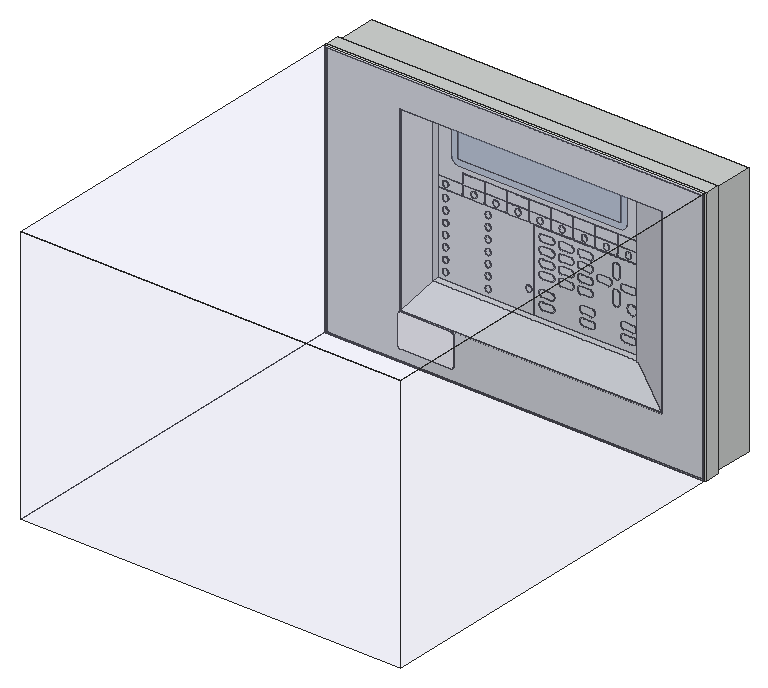
Revit family "Tyco_Fireclass_Mid Tier-I_Control and Indicating Panels - FC500______", category Generic Models, host Wall, Revit 2016
Family settings
  Host = Wall
  Part Type = Normal
  Can host rebar = No
  Round Connector Dimension = Use Diameter
  Always vertical = Yes
  Cut with Voids When Loaded = No
  Shared = No
  Room Calculation Point = No
Parameters (values of type "FC500")
  Weight = "2.7 Kg"
  WarrantyDurationLabor = "3 years"
  Warranty Start Date = "n/a"
  Warranty Guarantor Parts = "Contact your supplier. If you don’t have your supplier contact details please contact FireClassSales@tycoint.com"
  Warranty Guarantor Labor = "Contact your supplier. If you don’t have your supplier contact details please contact FireClassSales@tycoint.com"
  Warranty Duration Unit = "Year"
  Warranty Duration Parts = "3 years"
  Warranty Description = "The 36 month warranty is applicable from the date of manufacture."
  Version = "1"
  Usage Current = "130 mA (dc)"
  Uniclass2 = ""
  URL = "www.fireclass.net"
  Type Comments = ""
  Total No Of Addresses = "n/a"
  Tag Number = "n/a"
  SuistainabilityPerformance = "n/a"
  Storage Temperature = "-40 °C to +80 °C"
  Size = "n/a"
  Shape = "Rectangle"
  Serial Number = "n/a"
  Revision = "n/a"
  Replacement Cost = "n/a"
  Relative Humidity = "up to 95% RH continuous (non-condensing)"
  Reference = ""
  Product Specification = "FireClass Repeater for use with FC501, FC503 and FC506 panels"
  Product Information = "www.fireclass.net"
  Product Codes = "557.200.727"
  Phase Reference = "n/a"
  Phase Angle = "n/a"
  Operation Temperature Range = "-5 °C to +40 °C"
  Number of Loops = "n/a"
  Number Of Poles = "n/a"
  Nominal Width = 345.0 mm
  Nominal Voltage = "19 Vdc - 30 Vdc"
  Nominal Length = 55.7 mm
  Nominal Height = 234.0 mm
  Nominal Frequency Range = "50/60 Hz"
  Nominal Current = "n/a"
  No Of Zones Supported = "n/a"
  No Of Zonal LEDs = "n/a"
  Name = "FC500"
  NBS Reference = ""
  NBS Description = "Fire detection and alarm control and indicating equipment (CIE)"
  Model Reference = "n/a"
  Model Number = "FC500"
  Model = "FC500"
  Material Description = "FC500 FireClass Repeater"
  Material = "Mild Steel EN10130 DC01"
  Manufacturer URL = "www.fireclass.net"
  Manufacturer Name = "Tyco Fire & Security GmbH"
  Manufacturer = "Tyco Fire & Security GmbH"
  Insulation Standard Class = "n/a"
  Installation Date = ""
  Ifc Type Object = ""
  Ifc Export Type = ""
  Ifc Export As = ""
  IP_Code = "n/a"
  Has Protective Earth = "TRUE"
  Grade = "n/a"
  Finish = "Fine texture, Matt"
  Features = "n/a"
  Expected Life = "n/a"
  Electrical Device Nominal Power = "n/a"
  Duration Unit = "Year"
  Description = "Repeater for use with FC501, FC503 and FC506 panels"
  Constituents = "n/a"
  Colour = RAL 7035
  Code Performance = "n/a"
  Show Clearance [instance] = yes
  Category = ""
  Brand = "FireClass"
  Bar Code = "n/a"
  BIM Object Name = ""
  Author = "Tyco Fire & Security GmbH"
  Asset Type = "Moveable"
  Asset Identifier = "n/a"
  Addresses Per Loop = "n/a"
  Accessibility Performance = "n/a"
Reference planes
  plane 1 "Wall": y = 0
  plane 2 "Center (Left/Right)": x = 125
  plane 3 "Back": y = 75
  plane 4: y = -130.7
  plane 5: z = 234
  plane 6: x = -47.5
  plane 7: x = 297.5
Text (mm)
  text "Placement Side" at (-1848.837, 1116.779, 0), in view "Ref. Level"
  text "Placement side" at (0, 1409.804, 2854.306), in view "Left"
  text "Placement side" at (0, 499.811, 2980.732), in view "Right"
Dimensions and locks
  locked: plane 3 "Back" to host wall
  "Nominal Length": host wall to plane 4
  "Nominal Height": plane 5 to level
  equal spacing: plane 7, plane 2 "Center (Left/Right)", plane 6
  "Nominal Width": plane 7 to plane 6
  aligned and locked: plane 1 "Wall" to host wall
  aligned and locked: nested 1 to plane 2 "Center (Left/Right)"
  aligned and locked: nested 1 to host wall
  aligned and locked: nested 1 to level
Nested families
  nested 1: "Geometry" at (125, -79.5, 115) x (-1, 0, 0) z (0, 0, 1), type "Default"
Connectors
  electrical at (125, -79.5, 117.011)
    settings: on nested 1, index 1, voltage 0 V, apparent load 0 VA, apparent load phase1 0 VA, apparent load phase2 0 VA, apparent load phase3 0 VA, power factor 1, load classification "Other", number of poles 1, system type 11, power factor state 1, is connector primary yes, connector utility no, sub classification motor no, connector description ""
Definition of nested family "Geometry"
  Parameters (values of type "Default")
    Width = 345.0 mm
    Height = 234.0 mm
    Distance = 51.3 mm
    Depth = 55.7 mm
    Colour = none
    Clearance = yes
  Reference planes
    plane 1 "Center (Front/Back)": y = 0
    plane 2: z = 0
    plane 3 "Center (Left/Right)": x = 0
    plane 4: x = 144.969
    plane 5: x = -144.995
    plane 6: z = 119
    plane 7: z = 117.29
    plane 8: z = 81.982
    plane 9: z = 81.922
    plane 10: x = 151.525
    plane 11: x = -124.995
    plane 12: z = 174.517
    plane 13: z = -113.267
    plane 14: y = 51.3
    plane 15: y = 29.002
    plane 16: y = 23.176
    plane 17: y = 22.214
    plane 18: y = 23.876
    plane 19: y = 127.6
    plane 20: z = -115
    plane 21: z = -72.859
    plane 22: y = 51.2
    plane 23: y = -4.5
    plane 24: x = 170.788
    plane 25: x = -170.788
    plane 26: x = 172.5
    plane 27: x = -172.5
    plane 28: y = 396.2
  Forms (mm)
    Extrusion 1, solid, visible <- "Clearance"
      sketch origin (0, 0, 0) x (1, 0, 0) y (0, 0, 1)
        loop
          line (172.5, 119) -> (-172.5, 119) -> (-172.5, -115) -> (172.5, -115) -> (172.5, 119)
      from -51.2 to -396.2
    Extrusion 2, solid, material <- "Colour"
      sketch origin (0, 0, 0) x (1, 0, 0) y (0, 0, 1)
        loop
          line (-170.788, 117.29) -> (-170.788, -113.267) -> (170.788, -113.267) -> (170.788, 117.29) -> (-170.788, 117.29)
        loop
          line (103.772, 91.259) -> (-133.165, 91.259) -> (-133.165, -72.859) -> (103.772, -72.859) -> (103.772, 91.259)
      from 0 to -51.2
    Sweep 3, solid, material <- "Colour"
      path in 3D
        loop
          line (170.788, 51.2, 117.29) -> (170.788, 51.2, -113.267) -> (-170.788, 51.2, -113.267) -> (-170.788, 51.2, 117.29) -> (170.788, 51.2, 117.29)
      profile origin (0, 51.2, 117.29) x (0, 1, 0) y (0, 0, 1)
        loop
          arc (0, 0) -> (-0.719, 1.228) -> (-2.058, 1.712) r 2.092
          line (-2.058, 1.712) -> (-15.035, 1.712) -> (-15.035, 0) -> (0, 0)
    Blend 4, void
      base sketch origin (0, 0, 0) x (1, 0, 0) y (0, 0, 1)
        loop
          line (103.786, 91.263) -> (-133.214, 91.263) -> (-133.214, -72.882) -> (103.786, -72.882) -> (103.786, 91.263)
      top sketch origin (0, 0, 0) x (1, 0, 0) y (0, 0, 1)
        loop
          line (92.358, 87.955) -> (-93.142, 87.955) -> (-93.142, -54.045) -> (92.358, -54.045) -> (92.358, 87.955)
      from -51.3 to -29.002
    Extrusion 5, void
      sketch origin (0, 0, 0) x (1, 0, 0) y (0, 0, 1)
        loop
          line (92.358, 87.955) -> (-93.142, 87.955) -> (-93.142, -54.045) -> (92.358, -54.045) -> (92.358, 87.955)
      from -29.002 to -23.176
    Extrusion 6, void
      sketch origin (0, 0, 0) x (1, 0, 0) y (0, 0, 1)
        loop
          circle (85.101, 24.612) r 2.5
        loop
          circle (85.101, 13.04) r 2.5
        loop
          circle (85.101, 3.019) r 2.5
        loop
          circle (85.101, -6.99) r 2.5
        loop
          circle (85.101, -16.991) r 2.5
        loop
          circle (85.101, -26.992) r 2.5
        loop
          circle (85.101, -36.993) r 2.5
        loop
          circle (85.101, -46.993) r 2.5
        loop
          circle (59.302, 24.612) r 2.5
        loop
          circle (39.303, 24.612) r 2.5
        loop
          circle (46.448, 12.957) r 2.5
        loop
          circle (46.448, 2.915) r 2.5
        loop
          circle (46.448, -7.086) r 2.5
        loop
          circle (46.448, -17.087) r 2.5
        loop
          circle (46.448, -27.088) r 2.5
        loop
          circle (46.448, -36.89) r 2.5
        loop
          circle (46.448, -47.089) r 2.5
        loop
          circle (19.303, 24.612) r 2.5
        loop
          circle (9.391, -33.89) r 2.5
        loop
          line (-3.33, 14.232) -> (-10.73, 14.232)
          arc (-10.73, 14.232) -> (-13.605, 11.357) -> (-10.73, 8.482) r 2.875
          line (-10.73, 8.482) -> (-3.33, 8.482)
          arc (-3.33, 8.482) -> (-0.455, 11.357) -> (-3.33, 14.232) r 2.875
        loop
          line (-3.33, 15.032) -> (-10.73, 15.032)
          arc (-10.73, 15.032) -> (-14.405, 11.357) -> (-10.73, 7.682) r 3.675
          line (-10.73, 7.682) -> (-3.33, 7.682)
          arc (-3.33, 7.682) -> (0.345, 11.357) -> (-3.33, 15.032) r 3.675
        loop
          line (-20.817, 14.232) -> (-28.217, 14.232)
          arc (-28.217, 14.232) -> (-31.092, 11.357) -> (-28.217, 8.482) r 2.875
          line (-28.217, 8.482) -> (-20.817, 8.482)
          arc (-20.817, 8.482) -> (-17.942, 11.357) -> (-20.817, 14.232) r 2.875
        loop
          line (-20.817, 15.032) -> (-28.217, 15.032)
          arc (-28.217, 15.032) -> (-31.892, 11.357) -> (-28.217, 7.682) r 3.675
          line (-28.217, 7.682) -> (-20.817, 7.682)
          arc (-20.817, 7.682) -> (-17.142, 11.357) -> (-20.817, 15.032) r 3.675
        loop
          line (-38.244, 14.232) -> (-45.644, 14.232)
          arc (-45.644, 14.232) -> (-48.519, 11.357) -> (-45.644, 8.482) r 2.875
          line (-45.644, 8.482) -> (-38.244, 8.482)
          arc (-38.244, 8.482) -> (-35.369, 11.357) -> (-38.244, 14.232) r 2.875
        loop
          line (-38.244, 15.032) -> (-45.644, 15.032)
          arc (-45.644, 15.032) -> (-49.319, 11.357) -> (-45.644, 7.682) r 3.675
          line (-45.644, 7.682) -> (-38.244, 7.682)
          arc (-38.244, 7.682) -> (-34.569, 11.357) -> (-38.244, 15.032) r 3.675
        loop
          line (-3.33, 4.232) -> (-10.73, 4.232)
          arc (-10.73, 4.232) -> (-13.605, 1.357) -> (-10.73, -1.518) r 2.875
          line (-10.73, -1.518) -> (-3.33, -1.518)
          arc (-3.33, -1.518) -> (-0.455, 1.357) -> (-3.33, 4.232) r 2.875
        loop
          line (-3.33, 5.032) -> (-10.73, 5.032)
          arc (-10.73, 5.032) -> (-14.405, 1.357) -> (-10.73, -2.318) r 3.675
          line (-10.73, -2.318) -> (-3.33, -2.318)
          arc (-3.33, -2.318) -> (0.345, 1.357) -> (-3.33, 5.032) r 3.675
        loop
          line (-20.817, 4.232) -> (-28.217, 4.232)
          arc (-28.217, 4.232) -> (-31.092, 1.357) -> (-28.217, -1.518) r 2.875
          line (-28.217, -1.518) -> (-20.817, -1.518)
          arc (-20.817, -1.518) -> (-17.942, 1.357) -> (-20.817, 4.232) r 2.875
        loop
          line (-20.817, 5.032) -> (-28.217, 5.032)
          arc (-28.217, 5.032) -> (-31.892, 1.357) -> (-28.217, -2.318) r 3.675
          line (-28.217, -2.318) -> (-20.817, -2.318)
          arc (-20.817, -2.318) -> (-17.142, 1.357) -> (-20.817, 5.032) r 3.675
        loop
          line (-38.244, 4.232) -> (-45.644, 4.232)
          arc (-45.644, 4.232) -> (-48.519, 1.357) -> (-45.644, -1.518) r 2.875
          line (-45.644, -1.518) -> (-38.244, -1.518)
          arc (-38.244, -1.518) -> (-35.369, 1.357) -> (-38.244, 4.232) r 2.875
        loop
          line (-38.244, 5.032) -> (-45.644, 5.032)
          arc (-45.644, 5.032) -> (-49.319, 1.357) -> (-45.644, -2.318) r 3.675
          line (-45.644, -2.318) -> (-38.244, -2.318)
          arc (-38.244, -2.318) -> (-34.569, 1.357) -> (-38.244, 5.032) r 3.675
        loop
          line (-3.33, -5.768) -> (-10.73, -5.768)
          arc (-10.73, -5.768) -> (-13.605, -8.643) -> (-10.73, -11.518) r 2.875
          line (-10.73, -11.518) -> (-3.33, -11.518)
          arc (-3.33, -11.518) -> (-0.455, -8.643) -> (-3.33, -5.768) r 2.875
        loop
          line (-3.33, -4.968) -> (-10.73, -4.968)
          arc (-10.73, -4.968) -> (-14.405, -8.643) -> (-10.73, -12.318) r 3.675
          line (-10.73, -12.318) -> (-3.33, -12.318)
          arc (-3.33, -12.318) -> (0.345, -8.643) -> (-3.33, -4.968) r 3.675
        loop
          line (-20.817, -5.768) -> (-28.217, -5.768)
          arc (-28.217, -5.768) -> (-31.092, -8.643) -> (-28.217, -11.518) r 2.875
          line (-28.217, -11.518) -> (-20.817, -11.518)
          arc (-20.817, -11.518) -> (-17.942, -8.643) -> (-20.817, -5.768) r 2.875
        loop
          line (-20.817, -4.968) -> (-28.217, -4.968)
          arc (-28.217, -4.968) -> (-31.892, -8.643) -> (-28.217, -12.318) r 3.675
          line (-28.217, -12.318) -> (-20.817, -12.318)
          arc (-20.817, -12.318) -> (-17.142, -8.643) -> (-20.817, -4.968) r 3.675
        loop
          line (-38.244, -5.768) -> (-45.644, -5.768)
          arc (-45.644, -5.768) -> (-48.519, -8.643) -> (-45.644, -11.518) r 2.875
          line (-45.644, -11.518) -> (-38.244, -11.518)
          arc (-38.244, -11.518) -> (-35.369, -8.643) -> (-38.244, -5.768) r 2.875
        loop
          line (-38.244, -4.968) -> (-45.644, -4.968)
          arc (-45.644, -4.968) -> (-49.319, -8.643) -> (-45.644, -12.318) r 3.675
          line (-45.644, -12.318) -> (-38.244, -12.318)
          arc (-38.244, -12.318) -> (-34.569, -8.643) -> (-38.244, -4.968) r 3.675
        loop
          line (-3.33, -15.768) -> (-10.73, -15.768)
          arc (-10.73, -15.768) -> (-13.605, -18.643) -> (-10.73, -21.518) r 2.875
          line (-10.73, -21.518) -> (-3.33, -21.518)
          arc (-3.33, -21.518) -> (-0.455, -18.643) -> (-3.33, -15.768) r 2.875
        loop
          line (-3.33, -14.968) -> (-10.73, -14.968)
          arc (-10.73, -14.968) -> (-14.405, -18.643) -> (-10.73, -22.318) r 3.675
          line (-10.73, -22.318) -> (-3.33, -22.318)
          arc (-3.33, -22.318) -> (0.345, -18.643) -> (-3.33, -14.968) r 3.675
        loop
          line (-20.817, -15.768) -> (-28.217, -15.768)
          arc (-28.217, -15.768) -> (-31.092, -18.643) -> (-28.217, -21.518) r 2.875
          line (-28.217, -21.518) -> (-20.817, -21.518)
          arc (-20.817, -21.518) -> (-17.942, -18.643) -> (-20.817, -15.768) r 2.875
        loop
          line (-20.817, -14.968) -> (-28.217, -14.968)
          arc (-28.217, -14.968) -> (-31.892, -18.643) -> (-28.217, -22.318) r 3.675
          line (-28.217, -22.318) -> (-20.817, -22.318)
          arc (-20.817, -22.318) -> (-17.142, -18.643) -> (-20.817, -14.968) r 3.675
        loop
          line (-38.244, -15.768) -> (-45.644, -15.768)
          arc (-45.644, -15.768) -> (-48.519, -18.643) -> (-45.644, -21.518) r 2.875
          line (-45.644, -21.518) -> (-38.244, -21.518)
          arc (-38.244, -21.518) -> (-35.369, -18.643) -> (-38.244, -15.768) r 2.875
        loop
          line (-38.244, -14.968) -> (-45.644, -14.968)
          arc (-45.644, -14.968) -> (-49.319, -18.643) -> (-45.644, -22.318) r 3.675
          line (-45.644, -22.318) -> (-38.244, -22.318)
          arc (-38.244, -22.318) -> (-34.569, -18.643) -> (-38.244, -14.968) r 3.675
        loop
          line (-3.33, -30.768) -> (-10.73, -30.768)
          arc (-10.73, -30.768) -> (-13.605, -33.643) -> (-10.73, -36.518) r 2.875
          line (-10.73, -36.518) -> (-3.33, -36.518)
          arc (-3.33, -36.518) -> (-0.455, -33.643) -> (-3.33, -30.768) r 2.875
        loop
          line (-3.33, -29.968) -> (-10.73, -29.968)
          arc (-10.73, -29.968) -> (-14.405, -33.643) -> (-10.73, -37.318) r 3.675
          line (-10.73, -37.318) -> (-3.33, -37.318)
          arc (-3.33, -37.318) -> (0.345, -33.643) -> (-3.33, -29.968) r 3.675
        loop
          line (-40.276, -30.768) -> (-47.676, -30.768)
          arc (-47.676, -30.768) -> (-50.551, -33.643) -> (-47.676, -36.518) r 2.875
          line (-47.676, -36.518) -> (-40.276, -36.518)
          arc (-40.276, -36.518) -> (-37.401, -33.643) -> (-40.276, -30.768) r 2.875
        loop
          line (-40.276, -29.968) -> (-47.676, -29.968)
          arc (-47.676, -29.968) -> (-51.351, -33.643) -> (-47.676, -37.318) r 3.675
          line (-47.676, -37.318) -> (-40.276, -37.318)
          arc (-40.276, -37.318) -> (-36.601, -33.643) -> (-40.276, -29.968) r 3.675
        loop
          line (-3.33, -40.768) -> (-10.73, -40.768)
          arc (-10.73, -40.768) -> (-13.605, -43.643) -> (-10.73, -46.518) r 2.875
          line (-10.73, -46.518) -> (-3.33, -46.518)
          arc (-3.33, -46.518) -> (-0.455, -43.643) -> (-3.33, -40.768) r 2.875
        loop
          line (-3.33, -39.968) -> (-10.73, -39.968)
          arc (-10.73, -39.968) -> (-14.405, -43.643) -> (-10.73, -47.318) r 3.675
          line (-10.73, -47.318) -> (-3.33, -47.318)
          arc (-3.33, -47.318) -> (0.345, -43.643) -> (-3.33, -39.968) r 3.675
        loop
          line (-40.276, -40.768) -> (-47.676, -40.768)
          arc (-47.676, -40.768) -> (-50.551, -43.643) -> (-47.676, -46.518) r 2.875
          line (-47.676, -46.518) -> (-40.276, -46.518)
          arc (-40.276, -46.518) -> (-37.401, -43.643) -> (-40.276, -40.768) r 2.875
        loop
          line (-40.276, -39.968) -> (-47.676, -39.968)
          arc (-47.676, -39.968) -> (-51.351, -43.643) -> (-47.676, -47.318) r 3.675
          line (-47.676, -47.318) -> (-40.276, -47.318)
          arc (-40.276, -47.318) -> (-36.601, -43.643) -> (-40.276, -39.968) r 3.675
        loop
          line (-77.493, -30.768) -> (-84.893, -30.768)
          arc (-84.893, -30.768) -> (-87.768, -33.643) -> (-84.893, -36.518) r 2.875
          line (-84.893, -36.518) -> (-77.493, -36.518)
          arc (-77.493, -36.518) -> (-74.618, -33.643) -> (-77.493, -30.768) r 2.875
        loop
          line (-77.493, -29.968) -> (-84.893, -29.968)
          arc (-84.893, -29.968) -> (-88.568, -33.643) -> (-84.893, -37.318) r 3.675
          line (-84.893, -37.318) -> (-77.493, -37.318)
          arc (-77.493, -37.318) -> (-73.818, -33.643) -> (-77.493, -29.968) r 3.675
        loop
          line (-77.493, -40.768) -> (-84.893, -40.768)
          arc (-84.893, -40.768) -> (-87.768, -43.643) -> (-84.893, -46.518) r 2.875
          line (-84.893, -46.518) -> (-77.493, -46.518)
          arc (-77.493, -46.518) -> (-74.618, -43.643) -> (-77.493, -40.768) r 2.875
        loop
          line (-77.493, -39.968) -> (-84.893, -39.968)
          arc (-84.893, -39.968) -> (-88.568, -43.643) -> (-84.893, -47.318) r 3.675
          line (-84.893, -47.318) -> (-77.493, -47.318)
          arc (-77.493, -47.318) -> (-73.818, -43.643) -> (-77.493, -39.968) r 3.675
        loop
          line (-77.493, -0.24) -> (-84.893, -0.24)
          arc (-84.893, -0.24) -> (-87.768, -3.115) -> (-84.893, -5.99) r 2.875
          line (-84.893, -5.99) -> (-77.493, -5.99)
          arc (-77.493, -5.99) -> (-74.618, -3.115) -> (-77.493, -0.24) r 2.875
        loop
          line (-77.493, 0.56) -> (-84.893, 0.56)
          arc (-84.893, 0.56) -> (-88.568, -3.115) -> (-84.893, -6.79) r 3.675
          line (-84.893, -6.79) -> (-77.493, -6.79)
          arc (-77.493, -6.79) -> (-73.818, -3.115) -> (-77.493, 0.56) r 3.675
        loop
          line (-55.469, -0.24) -> (-62.869, -0.24)
          arc (-62.869, -0.24) -> (-65.744, -3.115) -> (-62.869, -5.99) r 2.875
          line (-62.869, -5.99) -> (-55.469, -5.99)
          arc (-55.469, -5.99) -> (-52.594, -3.115) -> (-55.469, -0.24) r 2.875
        loop
          line (-55.469, 0.56) -> (-62.869, 0.56)
          arc (-62.869, 0.56) -> (-66.544, -3.115) -> (-62.869, -6.79) r 3.675
          line (-62.869, -6.79) -> (-55.469, -6.79)
          arc (-55.469, -6.79) -> (-51.794, -3.115) -> (-55.469, 0.56) r 3.675
        loop
          line (-73.047, 11.669) -> (-73.047, 4.27)
          arc (-73.047, 4.27) -> (-70.172, 1.395) -> (-67.297, 4.27) r 2.875
          line (-67.297, 4.27) -> (-67.297, 11.669)
          arc (-67.297, 11.669) -> (-70.172, 14.544) -> (-73.047, 11.669) r 2.875
        loop
          line (-73.847, 11.669) -> (-73.847, 4.27)
          arc (-73.847, 4.27) -> (-70.172, 0.595) -> (-66.497, 4.27) r 3.675
          line (-66.497, 4.27) -> (-66.497, 11.669)
          arc (-66.497, 11.669) -> (-70.172, 15.344) -> (-73.847, 11.669) r 3.675
        loop
          line (-73.047, -10.125) -> (-73.047, -17.525)
          arc (-73.047, -17.525) -> (-70.172, -20.4) -> (-67.297, -17.525) r 2.875
          line (-67.297, -17.525) -> (-67.297, -10.125)
          arc (-67.297, -10.125) -> (-70.172, -7.25) -> (-73.047, -10.125) r 2.875
        loop
          line (-73.847, -10.125) -> (-73.847, -17.525)
          arc (-73.847, -17.525) -> (-70.172, -21.2) -> (-66.497, -17.525) r 3.675
          line (-66.497, -17.525) -> (-66.497, -10.125)
          arc (-66.497, -10.125) -> (-70.172, -6.45) -> (-73.847, -10.125) r 3.675
        loop
          circle (-84.33, -18.648) r 3.994
        loop
          circle (-84.33, -18.648) r 4.794
        loop
          line (92.358, 87.955) -> (-93.142, 87.955) -> (-93.142, -54.045) -> (92.358, -54.045) -> (92.358, 87.955)
        loop
          line (4.995, 19.786) -> (-92.642, 19.786) -> (-92.642, -53.545) -> (4.995, -53.545) -> (4.995, 19.786)
        loop
          line (69.167, 29.154) -> (49.437, 29.154) -> (49.437, 22.786)
          arc (49.437, 22.786) -> (50.169, 21.018) -> (51.937, 20.286) r 2.5
          line (51.937, 20.286) -> (66.667, 20.286)
          arc (66.667, 20.286) -> (68.435, 21.018) -> (69.167, 22.786) r 2.5
          line (69.167, 22.786) -> (69.167, 29.154)
        loop
          line (91.858, 19.786) -> (5.454, 19.786) -> (5.454, -53.545) -> (91.858, -53.545) -> (91.858, 19.786)
        loop
          line (49.167, 29.154) -> (29.437, 29.154) -> (29.437, 22.786)
          arc (29.437, 22.786) -> (30.169, 21.018) -> (31.937, 20.286) r 2.5
          line (31.937, 20.286) -> (46.667, 20.286)
          arc (46.667, 20.286) -> (48.435, 21.018) -> (49.167, 22.786) r 2.5
          line (49.167, 22.786) -> (49.167, 29.154)
        loop
          line (29.167, 29.154) -> (9.437, 29.154) -> (9.437, 22.786)
          arc (9.437, 22.786) -> (10.169, 21.018) -> (11.937, 20.286) r 2.5
          line (11.937, 20.286) -> (26.667, 20.286)
          arc (26.667, 20.286) -> (28.435, 21.018) -> (29.167, 22.786) r 2.5
          line (29.167, 22.786) -> (29.167, 29.154)
        loop
          circle (-0.698, 24.612) r 2.5
        loop
          circle (-20.697, 24.612) r 2.5
        loop
          circle (-40.697, 24.612) r 2.5
        loop
          line (9.167, 29.154) -> (-10.563, 29.154) -> (-10.563, 22.786)
          arc (-10.563, 22.786) -> (-9.831, 21.018) -> (-8.063, 20.286) r 2.5
          line (-8.063, 20.286) -> (6.667, 20.286)
          arc (6.667, 20.286) -> (8.435, 21.018) -> (9.167, 22.786) r 2.5
          line (9.167, 22.786) -> (9.167, 29.154)
        loop
          line (-10.833, 29.154) -> (-30.563, 29.154) -> (-30.563, 22.786)
          arc (-30.563, 22.786) -> (-29.831, 21.018) -> (-28.063, 20.286) r 2.5
          line (-28.063, 20.286) -> (-13.333, 20.286)
          arc (-13.333, 20.286) -> (-11.565, 21.018) -> (-10.833, 22.786) r 2.5
          line (-10.833, 22.786) -> (-10.833, 29.154)
        loop
          line (-30.833, 29.154) -> (-50.563, 29.154) -> (-50.563, 22.786)
          arc (-50.563, 22.786) -> (-49.831, 21.018) -> (-48.063, 20.286) r 2.5
          line (-48.063, 20.286) -> (-33.333, 20.286)
          arc (-33.333, 20.286) -> (-31.565, 21.018) -> (-30.833, 22.786) r 2.5
          line (-30.833, 22.786) -> (-30.833, 29.154)
        loop
          circle (-60.697, 24.612) r 2.5
        loop
          circle (-80.697, 24.612) r 2.5
        loop
          line (-50.833, 29.154) -> (-70.563, 29.154) -> (-70.563, 22.786)
          arc (-70.563, 22.786) -> (-69.831, 21.018) -> (-68.063, 20.286) r 2.5
          line (-68.063, 20.286) -> (-53.333, 20.286)
          arc (-53.333, 20.286) -> (-51.565, 21.018) -> (-50.833, 22.786) r 2.5
          line (-50.833, 22.786) -> (-50.833, 29.154)
        loop
          line (-70.833, 29.154) -> (-90.563, 29.154) -> (-90.563, 22.786)
          arc (-90.563, 22.786) -> (-89.831, 21.018) -> (-88.063, 20.286) r 2.5
          line (-88.063, 20.286) -> (-73.333, 20.286)
          arc (-73.333, 20.286) -> (-71.565, 21.018) -> (-70.833, 22.786) r 2.5
          line (-70.833, 22.786) -> (-70.833, 29.154)
        loop
          line (-91.063, 20.286) -> (-91.063, 39.029) -> (69.743, 39.029) -> (69.743, 29.661) -> (91.795, 29.661) -> (91.795, 87.375) -> (-92.642, 87.375) -> (-92.642, 20.286) -> (-91.063, 20.286)
        loop
          line (91.795, 29.156) -> (69.743, 29.156) -> (69.743, 22.786)
          arc (69.743, 22.786) -> (70.475, 21.018) -> (72.243, 20.286) r 2.5
          line (72.243, 20.286) -> (89.252, 20.286)
          arc (89.252, 20.286) -> (91.05, 21.031) -> (91.795, 22.829) r 2.543
          line (91.795, 22.829) -> (91.795, 29.156)
        loop
          line (69.167, 38.529) -> (49.437, 38.529) -> (49.437, 29.661) -> (69.167, 29.661) -> (69.167, 38.529)
        loop
          line (49.167, 38.529) -> (29.437, 38.529) -> (29.437, 29.661) -> (49.167, 29.661) -> (49.167, 38.529)
        loop
          line (29.167, 38.529) -> (9.437, 38.529) -> (9.437, 29.661) -> (29.167, 29.661) -> (29.167, 38.529)
        loop
          line (9.167, 38.529) -> (-10.563, 38.529) -> (-10.563, 29.661) -> (9.167, 29.661) -> (9.167, 38.529)
        loop
          line (-10.833, 38.529) -> (-30.563, 38.529) -> (-30.563, 29.661) -> (-10.833, 29.661) -> (-10.833, 38.529)
        loop
          line (-30.833, 38.529) -> (-50.563, 38.529) -> (-50.563, 29.661) -> (-30.833, 29.661) -> (-30.833, 38.529)
        loop
          line (-50.833, 38.529) -> (-70.563, 38.529) -> (-70.563, 29.661) -> (-50.833, 29.661) -> (-50.833, 38.529)
        loop
          line (-70.833, 38.529) -> (-90.563, 38.529) -> (-90.563, 29.661) -> (-70.833, 29.661) -> (-70.833, 38.529)
        loop
          circle (85.101, 24.612) r 2.8
        loop
          circle (59.302, 24.612) r 2.8
        loop
          circle (39.303, 24.612) r 2.8
        loop
          circle (19.303, 24.612) r 2.8
        loop
          circle (-0.698, 24.612) r 2.8
        loop
          circle (-20.697, 24.612) r 2.8
        loop
          circle (-40.697, 24.612) r 2.8
        loop
          circle (-60.697, 24.612) r 2.8
        loop
          circle (-80.697, 24.612) r 2.8
        loop
          circle (9.391, -33.89) r 2.8
        loop
          circle (46.448, -47.089) r 2.8
        loop
          circle (46.448, -36.89) r 2.8
        loop
          circle (46.448, -27.088) r 2.8
        loop
          circle (46.448, -17.087) r 2.8
        loop
          circle (46.448, -7.086) r 2.8
        loop
          circle (46.448, 2.915) r 2.8
        loop
          circle (46.448, 12.957) r 2.8
        loop
          circle (85.101, 13.04) r 2.8
        loop
          circle (85.101, 3.019) r 2.8
        loop
          circle (85.101, -6.99) r 2.8
        loop
          circle (85.101, -16.991) r 2.8
        loop
          circle (85.101, -26.992) r 2.8
        loop
          circle (85.101, -36.993) r 2.8
        loop
          circle (85.101, -46.993) r 2.8
      from -23.176 to -22.214
    Extrusion 7, solid
      sketch origin (0, 0, 0) x (1, 0, 0) y (0, 0, 1)
        loop
          line (72.465, 79.097) -> (-73.538, 79.097)
          arc (-73.538, 79.097) -> (-74.033, 78.892) -> (-74.238, 78.397) r 0.7
          line (-74.238, 78.397) -> (-74.238, 49.907)
          arc (-74.238, 49.907) -> (-74.027, 49.398) -> (-73.519, 49.188) r 0.719
          line (-73.519, 49.188) -> (72.465, 49.188)
          arc (72.465, 49.188) -> (72.96, 49.393) -> (73.165, 49.888) r 0.7
          line (73.165, 49.888) -> (73.165, 78.397)
          arc (73.165, 78.397) -> (72.96, 78.892) -> (72.465, 79.097) r 0.7
        loop
          line (72.465, 85.097) -> (-73.538, 85.097)
          arc (-73.538, 85.097) -> (-78.275, 83.135) -> (-80.238, 78.397) r 6.7
          line (-80.238, 78.397) -> (-80.238, 49.907)
          arc (-80.238, 49.907) -> (-78.27, 45.156) -> (-73.519, 43.188) r 6.719
          line (-73.519, 43.188) -> (72.465, 43.188)
          arc (72.465, 43.188) -> (77.203, 45.15) -> (79.165, 49.888) r 6.7
          line (79.165, 49.888) -> (79.165, 78.397)
          arc (79.165, 78.397) -> (77.203, 83.135) -> (72.465, 85.097) r 6.7
        loop
          line (72.465, 79.397) -> (-73.538, 79.397)
          arc (-73.538, 79.397) -> (-74.245, 79.104) -> (-74.538, 78.397) r 1
          line (-74.538, 78.397) -> (-74.538, 49.907)
          arc (-74.538, 49.907) -> (-74.239, 49.186) -> (-73.519, 48.888) r 1.019
          line (-73.519, 48.888) -> (72.465, 48.888)
          arc (72.465, 48.888) -> (73.172, 49.181) -> (73.465, 49.888) r 1
          line (73.465, 49.888) -> (73.465, 78.397)
          arc (73.465, 78.397) -> (73.172, 79.104) -> (72.465, 79.397) r 1
      from -23.876 to -23.176
    Extrusion 8, void
      sketch origin (0, 0, 0) x (1, 0, 0) y (0, 0, 1)
        loop
          circle (-82.21, 92.5) r 2.294
        loop
          circle (-28.21, 92.5) r 2.243
        loop
          circle (81.79, 92.5) r 2.294
        loop
          circle (116.917, 24.763) r 2.461
        loop
          circle (116.842, -95.235) r 2.393
        loop
          circle (80, -63.18) r 2.503
        loop
          circle (-80, -63.18) r 2.294
        loop
          circle (-117.149, -95.254) r 2.411
        loop
          circle (-116.977, 24.812) r 2.444
      from 0 to -1
    Revolve 9, solid, material <- "Colour"
      sketch origin (144.969, -1524, 137.389) x (0, 0, 1) y (0, -1, 0)
        loop
          line (-217.62, -1519.5) -> (-217.62, -1524) -> (-206.662, -1524) -> (-212.44, -1519.874)
          arc (-212.44, -1519.874) -> (-212.994, -1519.596) -> (-213.606, -1519.5) r 2.006
          line (-213.606, -1519.5) -> (-217.62, -1519.5)
        axis (-219.566, -1519.5) -> (-219.566, -1524)
      angle from 0 to 360
    Revolve 10, solid, material <- "Colour"
      sketch origin (144.969, -1524, 305.167) x (0, 0, 1) y (0, -1, 0)
        loop
          line (-219.353, -1519.5) -> (-219.353, -1524) -> (-208.395, -1524) -> (-214.173, -1519.874)
          arc (-214.173, -1519.874) -> (-214.727, -1519.596) -> (-215.339, -1519.5) r 2.006
          line (-215.339, -1519.5) -> (-219.353, -1519.5)
        axis (-221.299, -1519.5) -> (-221.299, -1524)
      angle from 0 to 360
    Revolve 11, solid, material <- "Colour"
      sketch origin (-144.995, -1524, -4.907) x (0, 0, 1) y (0, -1, 0)
        loop
          line (-75.333, -1519.5) -> (-75.333, -1524) -> (-64.375, -1524) -> (-70.153, -1519.874)
          arc (-70.153, -1519.874) -> (-70.707, -1519.596) -> (-71.319, -1519.5) r 2.006
          line (-71.319, -1519.5) -> (-75.333, -1519.5)
        axis (-77.279, -1519.5) -> (-77.279, -1524)
      angle from 0 to 360
    Revolve 12, solid, material <- "Colour"
      sketch origin (-144.995, -1524, 118.218) x (0, 0, 1) y (0, -1, 0)
        loop
          line (-32.344, -1519.5) -> (-32.344, -1524) -> (-21.385, -1524) -> (-27.164, -1519.874)
          arc (-27.164, -1519.874) -> (-27.717, -1519.596) -> (-28.33, -1519.5) r 2.006
          line (-28.33, -1519.5) -> (-32.344, -1519.5)
        axis (-34.29, -1519.5) -> (-34.29, -1524)
      angle from 0 to 360
    Blend 13, void, not visible
      base sketch origin (0, 0, 0) x (1, 0, 0) y (0, 0, 1)
        loop
          line (103.786, 91.263) -> (-133.214, 91.263) -> (-133.214, -72.882) -> (103.786, -72.882) -> (103.786, 91.263)
      top sketch origin (0, 0, 0) x (1, 0, 0) y (0, 0, 1)
        loop
          line (92.358, 87.955) -> (-93.142, 87.955) -> (-93.142, -54.045) -> (92.358, -54.045) -> (92.358, 87.955)
      from -51.254 to -28.956
    Extrusion 14, void, not visible
      sketch origin (0, 0, 0) x (1, 0, 0) y (0, 0, 1)
        loop
          line (92.358, 87.955) -> (-93.142, 87.955) -> (-93.142, -54.045) -> (92.358, -54.045) -> (92.358, 87.955)
      from -28.956 to -23.13
    Extrusion 15, solid, material <- "Colour"
      sketch origin (4267.2, 66.254, 136.568) x (0, 0, 1) y (1, 0, 0)
        loop
          line (-209.427, -4400.365) -> (-45.309, -4400.365) -> (-45.309, -4163.428) -> (-209.427, -4163.428) -> (-209.427, -4400.365)
      from -14.954 to -44.041
    Extrusion 16, solid, material <- "Colour"
      sketch origin (0, 0, 0) x (1, 0, 0) y (0, 0, 1)
        loop
          line (103.772, -72.859) -> (103.772, 91.259) -> (-133.165, 91.259) -> (-133.165, -72.859) -> (103.772, -72.859)
      from -22.214 to 0
    Extrusion 17, solid
      sketch origin (4267.2, 66.254, 136.568) x (0, 0, 1) y (1, 0, 0)
        loop
          arc (-210.242, -4163.7) -> (-210.828, -4162.286) -> (-212.242, -4161.7) r 2
          line (-212.242, -4161.7) -> (-238.242, -4161.7)
          arc (-238.242, -4161.7) -> (-239.657, -4162.286) -> (-240.242, -4163.7) r 2
          line (-240.242, -4163.7) -> (-240.242, -4209.7)
          arc (-240.242, -4209.7) -> (-239.657, -4211.114) -> (-238.242, -4211.7) r 2
          line (-238.242, -4211.7) -> (-212.242, -4211.7)
          arc (-212.242, -4211.7) -> (-210.828, -4211.114) -> (-210.242, -4209.7) r 2
          line (-210.242, -4209.7) -> (-210.242, -4163.7)
      from -15.054 to -14.804
  Cuts and joins
    Extrusion 5, Extrusion 6, Extrusion 8 cuts Extrusion 2
    Extrusion 8 cuts Extrusion 16
    joined: Extrusion 2, Extrusion 16
    Blend 4, Extrusion 5, Extrusion 6 cuts Extrusion 15
  Lines and regions (mm)
    sketch lines
      curve 1: line (-170.788, 51.2, 117.29) -> (170.788, 51.2, 117.29)
      curve 2: line (-170.788, 51.2, -113.267) -> (-170.788, 51.2, 117.29)
      curve 3: line (170.788, 51.2, 117.29) -> (170.788, 51.2, -113.267)
      curve 4: line (170.788, 51.2, -113.267) -> (-170.788, 51.2, -113.267)
    model lines
      curve 5: circle (-170.788, 19.781, 2.707) r 10.5 normal (-1, 0, 0)
      curve 6: circle (-0.24, 20.068, 117.29) r 10.5 normal (0, 0, 1)
      curve 7: circle (170.788, 19.781, 2.707) r 10.5 normal (-1, 0, 0)
      curve 8: circle (-0.24, 20.068, -113.267) r 10.5 normal (0, 0, 1)
  Dimensions and locks
    locked: plane 7 to plane 6 at 1.71
    locked: plane 6 to Revolve 12 sketch curve at 35.072
    locked: Revolve 12 sketch curve to Revolve 12 sketch curve at 1.946
    locked: Revolve 12 sketch curve to Revolve 12 sketch curve at 4.014
    locked: Revolve 12 sketch curve to Revolve 12 sketch curve at 10.958
    locked: cut or joined group of Extrusion 2, Extrusion 5, Extrusion 6, Extrusion 8, Extrusion 16 to Revolve 12 sketch curve at 4.5
    locked: plane 16 to plane 17 at 0.962
    locked: plane 18 to plane 16 at 0.7
    locked: plane 15 to plane 18 at 5.126
    plane 18 to plane 16 = 0.7 mm
    locked: plane 14 to plane 15 at 22.298
    locked: level to plane 6 at 119
    locked: plane 20 to plane 13 at 1.733
    "Height": plane 20 to plane 6
    locked: plane 21 to plane 6 at 191.859
    locked: plane 1 "Center (Front/Back)" to plane 23 at 4.5
    "Depth": plane 22 to plane 23
    "Distance": plane 14 to plane 1 "Center (Front/Back)"
    equal spacing: plane 25, plane 3 "Center (Left/Right)", plane 24
    locked: plane 24 to plane 26 at 1.712
    locked: plane 27 to plane 25 at 1.712
    "Width": plane 27 to plane 26
    "Width": plane 22 to plane 28
    aligned and locked: level to plane 2
    aligned and locked: Extrusion 2 sketch curve to plane 7
    aligned and locked: plane 8 to Revolve 12
    aligned and locked: plane 9 to Revolve 10
    aligned and locked: Extrusion 7 to plane 18
    aligned and locked: plane 18 to Extrusion 7
    aligned and locked: Extrusion 5 to plane 15
    aligned and locked: Blend 4 to plane 14
    aligned and locked: Blend 4 to Extrusion 5
    aligned and locked: Extrusion 5 to Extrusion 7
    aligned and locked: Extrusion 6 to Extrusion 5
    aligned and locked: plane 17 to Extrusion 6
    aligned and locked: plane 17 to Extrusion 15
    aligned and locked: cut or joined group of Blend 4, Extrusion 5, Extrusion 6, Extrusion 15 to plane 14
    aligned and locked: plane 1 "Center (Front/Back)" to Extrusion 16
    aligned and locked: Extrusion 16 to plane 17
    aligned and locked: Extrusion 2 sketch curve to plane 13
    aligned and locked: plane 21 to cut or joined group of Blend 4, Extrusion 5, Extrusion 6, Extrusion 15
    aligned and locked: plane 23 to Revolve 10
    aligned and locked: Extrusion 1 to plane 22
    aligned and locked: Extrusion 6 to plane 16
    aligned and locked: plane 22 to cut or joined group of Extrusion 2, Extrusion 5, Extrusion 6, Extrusion 8, Extrusion 16
    aligned and locked: plane 24 to Extrusion 2 sketch curve
    aligned and locked: plane 25 to Extrusion 2 sketch curve
    aligned and locked: plane 26 to Sweep 3
    aligned and locked: plane 27 to Sweep 3
    aligned and locked: Extrusion 1 sketch curve to plane 27
    aligned and locked: plane 26 to Extrusion 1 sketch curve
    aligned and locked: Extrusion 1 sketch curve to plane 6
    aligned and locked: Extrusion 1 sketch curve to plane 20
    aligned and locked: plane 28 to Extrusion 1
    aligned and locked: Extrusion 17 to plane 22
  Automatic sketch dimensions
    Extrusion 2 sketch curve to plane 21 = 0.0 mm
    plane 11 to Extrusion 2 sketch curve = 8.171 mm
    Extrusion 2 sketch curve to plane 8 = 9.277 mm
    Extrusion 2 sketch curve to plane 4 = 41.196 mm
    Sweep 3 sketch curve to profile plane = 0.0 mm  (x2)
    Sweep 3 sketch curve to profile plane = 0.38 mm
    profile plane to Sweep 3 sketch curve = 2.058 mm
    Sweep 3 sketch curve to Sweep 3 sketch curve = 12.978 mm
    plane 11 to Blend 4 sketch curve = 8.219 mm
    Blend 4 sketch curve to plane 21 = 0.023 mm
    Blend 4 sketch curve to plane 4 = 41.182 mm
    Blend 4 sketch curve to plane 8 = 9.281 mm
    Blend 4 sketch curve to plane 8 = 5.973 mm
    Blend 4 sketch curve to plane 11 = 31.852 mm
    plane 21 to Blend 4 sketch curve = 18.814 mm
    Blend 4 sketch curve to plane 4 = 52.611 mm
    Extrusion 5 sketch curve to plane 8 = 5.973 mm
    Extrusion 5 sketch curve to plane 11 = 31.852 mm
    plane 21 to Extrusion 5 sketch curve = 18.814 mm
    Extrusion 5 sketch curve to plane 4 = 52.611 mm
    Extrusion 6 sketch curve to Extrusion 6 sketch curve = 0.0 mm  (x186)
    Extrusion 6 sketch curve to plane 11 = 31.852 mm
    Extrusion 6 sketch curve to plane 11 = 32.352 mm
    Extrusion 6 sketch curve to Extrusion 6 sketch curve = 1.579 mm
    Extrusion 6 sketch curve to Extrusion 6 sketch curve = 0.5 mm  (x8)
    Extrusion 6 sketch curve to Extrusion 6 sketch curve = 3.0 mm
    Extrusion 6 sketch curve to Extrusion 6 sketch curve = 7.75 mm
    Extrusion 6 sketch curve to level = 3.115 mm
    Extrusion 6 sketch curve to Extrusion 6 sketch curve = 3.171 mm
    Extrusion 6 sketch curve to Extrusion 6 sketch curve = 0.563 mm
    Extrusion 6 sketch curve to Extrusion 6 sketch curve = 7.366 mm  (x6)
    Extrusion 6 sketch curve to Extrusion 6 sketch curve = 7.4 mm  (x10)
    Extrusion 6 sketch curve to Extrusion 6 sketch curve = 3.645 mm  (x2)
    Extrusion 6 sketch curve to Extrusion 6 sketch curve = 7.364 mm  (x3)
    Extrusion 6 sketch curve to Extrusion 6 sketch curve = 0.8 mm  (x22)
    Extrusion 6 sketch curve to Extrusion 6 sketch curve = 2.5 mm  (x21)
    Extrusion 6 sketch curve to Extrusion 6 sketch curve = 0.269 mm  (x14)
    Extrusion 6 sketch curve to Extrusion 6 sketch curve = 2.875 mm  (x17)
    Extrusion 6 sketch curve to level = 0.24 mm
    Extrusion 6 sketch curve to Extrusion 6 sketch curve = 3.628 mm
    Extrusion 6 sketch curve to Extrusion 6 sketch curve = 7.365 mm  (x5)
    Extrusion 6 sketch curve to Extrusion 6 sketch curve = 29.817 mm
    Extrusion 6 sketch curve to Extrusion 6 sketch curve = 2.419 mm
    Extrusion 6 sketch curve to level = 1.518 mm
    Extrusion 6 sketch curve to Extrusion 6 sketch curve = 10.027 mm  (x2)
    level to Extrusion 6 sketch curve = 1.357 mm  (x3)
    Extrusion 6 sketch curve to Extrusion 6 sketch curve = 10.087 mm
    Extrusion 6 sketch curve to Extrusion 6 sketch curve = 2.603 mm
    Extrusion 6 sketch curve to plane 3 "Center (Left/Right)" = 3.33 mm  (x5)
    Extrusion 6 sketch curve to plane 3 "Center (Left/Right)" = 0.698 mm
    plane 3 "Center (Left/Right)" to Extrusion 6 sketch curve = 4.995 mm
    Extrusion 6 sketch curve to Extrusion 6 sketch curve = 0.46 mm
    Extrusion 6 sketch curve to Extrusion 6 sketch curve = 1.213 mm
    plane 3 "Center (Left/Right)" to Extrusion 6 sketch curve = 9.391 mm
    Extrusion 6 sketch curve to Extrusion 6 sketch curve = 7.145 mm
    Extrusion 6 sketch curve to Extrusion 6 sketch curve = 37.057 mm
    level to Extrusion 6 sketch curve = 2.915 mm
    Extrusion 6 sketch curve to Extrusion 6 sketch curve = 0.575 mm  (x2)
    Extrusion 6 sketch curve to Extrusion 6 sketch curve = 38.654 mm
    Extrusion 6 sketch curve to Extrusion 6 sketch curve = 12.859 mm
    Extrusion 6 sketch curve to level = 6.99 mm
    level to Extrusion 6 sketch curve = 3.019 mm
    Extrusion 6 sketch curve to Extrusion 6 sketch curve = 4.15 mm
    Extrusion 6 sketch curve to Extrusion 6 sketch curve = 2.543 mm
    Extrusion 6 sketch curve to Extrusion 6 sketch curve = 2.606 mm
    Extrusion 6 sketch curve to level = 7.086 mm
    Extrusion 6 sketch curve to Extrusion 6 sketch curve = 7.125 mm
    Extrusion 6 sketch curve to level = 8.643 mm  (x2)
    Extrusion 6 sketch curve to level = 10.125 mm
    Extrusion 6 sketch curve to Extrusion 6 sketch curve = 2.65 mm  (x9)
    Extrusion 6 sketch curve to Extrusion 6 sketch curve = 10.001 mm  (x6)
    Extrusion 6 sketch curve to Extrusion 6 sketch curve = 1.123 mm
    Extrusion 6 sketch curve to Extrusion 6 sketch curve = 7.65 mm  (x2)
    Extrusion 6 sketch curve to Extrusion 6 sketch curve = 12.443 mm
    Extrusion 6 sketch curve to Extrusion 6 sketch curve = 0.247 mm
    Extrusion 6 sketch curve to Extrusion 6 sketch curve = 9.803 mm
    Extrusion 6 sketch curve to Extrusion 6 sketch curve = 10.199 mm
    Extrusion 6 sketch curve to Extrusion 6 sketch curve = 6.227 mm
    Extrusion 6 sketch curve to Extrusion 6 sketch curve = 3.675 mm
    Extrusion 6 sketch curve to Extrusion 6 sketch curve = 6.55 mm
    Extrusion 6 sketch curve to level = 2.318 mm  (x2)
    level to Extrusion 6 sketch curve = 4.27 mm
    Extrusion 6 sketch curve to Extrusion 6 sketch curve = 10.043 mm
    Extrusion 6 sketch curve to Extrusion 6 sketch curve = 10.021 mm
    Extrusion 6 sketch curve to Extrusion 6 sketch curve = 4.754 mm
    Extrusion 6 sketch curve to Extrusion 6 sketch curve = 7.329 mm
    Extrusion 6 sketch curve to Extrusion 6 sketch curve = 5.254 mm  (x3)
    Extrusion 6 sketch curve to Extrusion 6 sketch curve = 8.616 mm
    Extrusion 6 sketch curve to Extrusion 6 sketch curve = 1.783 mm
    Extrusion 6 sketch curve to Extrusion 6 sketch curve = 1.826 mm  (x7)
    Extrusion 6 sketch curve to Extrusion 6 sketch curve = 4.826 mm
    Extrusion 6 sketch curve to Extrusion 6 sketch curve = 6.368 mm  (x4)
    Extrusion 6 sketch curve to Extrusion 6 sketch curve = 6.327 mm
    Extrusion 6 sketch curve to Extrusion 6 sketch curve = 0.507 mm  (x6)
    Extrusion 6 sketch curve to Extrusion 6 sketch curve = 0.505 mm
    Extrusion 6 sketch curve to Extrusion 6 sketch curve = 8.868 mm  (x4)
    Extrusion 6 sketch curve to plane 8 = 5.393 mm
    Extrusion 6 sketch curve to Extrusion 6 sketch curve = 0.58 mm
    Extrusion 7 sketch curve to Extrusion 7 sketch curve = 0.0 mm  (x25)
    Extrusion 7 sketch curve to plane 11 = 44.757 mm
    Extrusion 7 sketch curve to Extrusion 7 sketch curve = 5.7 mm
    Extrusion 7 sketch curve to Extrusion 7 sketch curve = 0.3 mm
    Extrusion 7 sketch curve to Extrusion 7 sketch curve = 0.7 mm  (x2)
    Extrusion 7 sketch curve to Extrusion 7 sketch curve = 0.719 mm
    Extrusion 7 sketch curve to plane 9 = 2.825 mm
    plane 3 "Center (Left/Right)" to Extrusion 7 sketch curve = 72.465 mm
    Extrusion 7 sketch curve to Extrusion 7 sketch curve = 28.49 mm
    Extrusion 8 sketch curve to plane 11 = 7.846 mm
    Extrusion 8 sketch curve to plane 11 = 8.017 mm
    Extrusion 8 sketch curve to plane 8 = 10.518 mm  (x3)
    Extrusion 8 sketch curve to plane 11 = 42.785 mm
    plane 21 to Extrusion 8 sketch curve = 9.679 mm  (x2)
    Extrusion 8 sketch curve to plane 11 = 44.995 mm
    Extrusion 8 sketch curve to plane 3 "Center (Left/Right)" = 28.21 mm
    Extrusion 8 sketch curve to plane 4 = 64.969 mm
    Extrusion 8 sketch curve to plane 4 = 63.179 mm
    Extrusion 8 sketch curve to plane 4 = 28.126 mm
    Extrusion 8 sketch curve to plane 4 = 28.051 mm
    plane 13 to Extrusion 8 sketch curve = 18.032 mm
    plane 13 to Extrusion 8 sketch curve = 18.014 mm
    level to Extrusion 8 sketch curve = 24.763 mm
    level to Extrusion 8 sketch curve = 24.812 mm
    Revolve 9 sketch curve to plane 23 = 0.0 mm  (x2)
    Revolve 9 sketch curve to plane 1 "Center (Front/Back)" = 0.0 mm
    Revolve 9 sketch curve to plane 21 = 7.372 mm
    Revolve 9 sketch curve to plane 21 = 3.358 mm
    Revolve 9 sketch curve to plane 23 = 0.374 mm
    Revolve 9 sketch curve to Revolve 9 sketch curve = 1.166 mm
    plane 21 to Revolve 9 sketch curve = 3.586 mm
    Revolve 9 sketch curve to Revolve 9 sketch curve = 1.946 mm
    Revolve 9 sketch curve to plane 1 "Center (Front/Back)" = 10.95 mm
    Revolve 10 sketch curve to plane 23 = 0.0 mm  (x2)
    Revolve 10 sketch curve to plane 1 "Center (Front/Back)" = 0.0 mm
    Revolve 10 sketch curve to plane 8 = 3.831 mm
    Revolve 10 sketch curve to plane 23 = 2.006 mm
    Revolve 10 sketch curve to Revolve 10 sketch curve = 4.014 mm
    Revolve 10 sketch curve to plane 23 = 0.374 mm
    Revolve 10 sketch curve to Revolve 10 sketch curve = 5.778 mm
    Revolve 10 sketch curve to plane 8 = 1.885 mm
    Revolve 10 sketch curve to plane 1 "Center (Front/Back)" = 10.95 mm
    Revolve 11 sketch curve to plane 23 = 0.0 mm  (x2)
    Revolve 11 sketch curve to plane 1 "Center (Front/Back)" = 0.0 mm
    Revolve 11 sketch curve to plane 21 = 7.381 mm
    Revolve 11 sketch curve to plane 21 = 3.367 mm
    Revolve 11 sketch curve to plane 23 = 0.374 mm
    Revolve 11 sketch curve to Revolve 11 sketch curve = 1.166 mm
    plane 21 to Revolve 11 sketch curve = 3.577 mm
    Revolve 11 sketch curve to Revolve 11 sketch curve = 1.946 mm
    Revolve 11 sketch curve to plane 1 "Center (Front/Back)" = 10.95 mm
    Revolve 12 sketch curve to plane 1 "Center (Front/Back)" = 0.0 mm
    Revolve 12 sketch curve to plane 23 = 0.0 mm
    Revolve 12 sketch curve to plane 23 = 0.374 mm
    Revolve 12 sketch curve to Revolve 12 sketch curve = 1.166 mm
    Revolve 12 sketch curve to plane 1 "Center (Front/Back)" = 10.95 mm
    Extrusion 15 sketch curve to plane 21 = 0.0 mm
    Extrusion 15 sketch curve to plane 8 = 9.277 mm
    plane 11 to Extrusion 15 sketch curve = 8.171 mm
    Extrusion 15 sketch curve to plane 4 = 41.196 mm
    Extrusion 16 sketch curve to plane 21 = 0.0 mm
    plane 11 to Extrusion 16 sketch curve = 8.171 mm
    Extrusion 16 sketch curve to plane 8 = 9.277 mm
    Extrusion 16 sketch curve to plane 4 = 41.196 mm
    Extrusion 2 to curve 5 = 19.781 mm
    Extrusion 2 to curve 5 = 114.583 mm
    Extrusion 2 to curve 6 = 20.068 mm
    curve 6 to Extrusion 2 = 170.548 mm
    level to curve 7 = 2.707 mm
    plane 17 to curve 7 = 2.433 mm
    curve 8 to Extrusion 2 = 20.068 mm
    curve 8 to Extrusion 2 = 170.548 mm
    Extrusion 17 sketch curve to plane 21 = 2.815 mm
    Extrusion 17 sketch curve to plane 21 = 0.815 mm
    Extrusion 17 sketch curve to plane 4 = 41.469 mm
    Extrusion 17 sketch curve to Extrusion 17 sketch curve = 46.0 mm
    plane 13 to Extrusion 17 sketch curve = 11.593 mm
    Extrusion 17 sketch curve to Extrusion 17 sketch curve = 2.0 mm  (x2)
    Extrusion 17 sketch curve to Extrusion 17 sketch curve = 0.0 mm
    radius of Extrusion 6 sketch curve = 2.5 mm  (x24)
    radius of Extrusion 6 sketch curve = 3.994 mm
    radius of Extrusion 6 sketch curve = 4.794 mm
    radius of Extrusion 6 sketch curve = 2.8 mm  (x24)
    radius of Extrusion 8 sketch curve = 2.294 mm  (x3)
    radius of Extrusion 8 sketch curve = 2.243 mm
    radius of Extrusion 8 sketch curve = 2.461 mm
    radius of Extrusion 8 sketch curve = 2.393 mm
    radius of Extrusion 8 sketch curve = 2.503 mm
    radius of Extrusion 8 sketch curve = 2.411 mm
    radius of Extrusion 8 sketch curve = 2.444 mm
    radius of curve 5 = 10.5 mm
    radius of curve 6 = 10.5 mm
    radius of curve 7 = 10.5 mm
    radius of curve 8 = 10.5 mm
